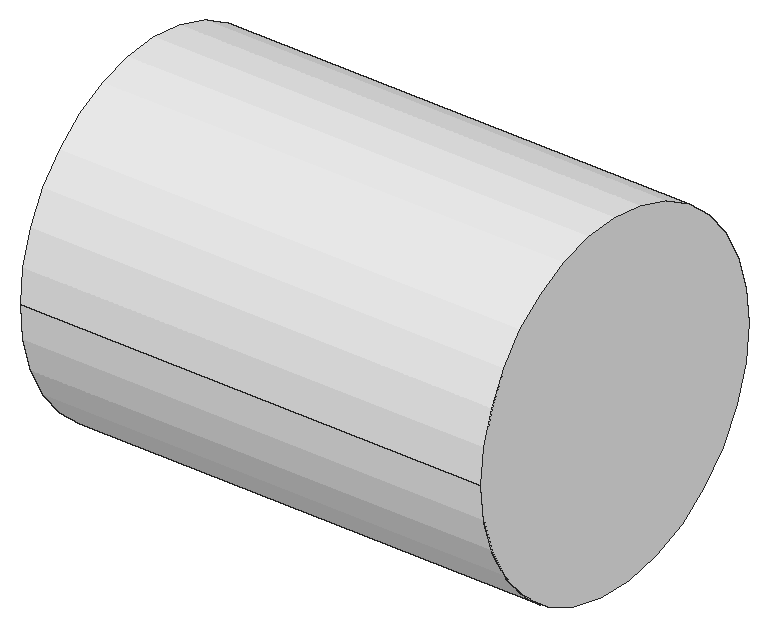
Revit family "VENTS-QUIETLINE", category Mechanical Equipment, Revit 2019
Family settings
  Round Connector Dimension = Use Diameter
  Classification = None
  Part Type = Breaks Into
  OmniClass Number = 23.75.35.17.11
  OmniClass Title = Fans for Air Ductwork
  Work Plane-Based = No
  Always vertical = Yes
  Cut with Voids When Loaded = No
  Shared = No
  Room Calculation Point = No
Parameters (values of type "Quietline 100")
  sFl = 2 mm  # constant formula
  gsD = L * 0.8  # 110.4 mm
  dFl = 23 mm
  Weight = 0.61 kg
  Voltage = 230 V
  URL = "https://ventilation-system.com/product/vents-quietline-100"
  Type Comments = "Inline axial fan Quietline 100"
  Transported Air Temperature (°C) = "+1...+40"
  RPM (min-1) = 2100
  Protection rating = "IPX4"
  Power Factor = 1
  Power = 7.5 W
  Number of Poles = 1
  Noise Level at 3 m (dBa) = 25
  Model = "Quietline 100"
  Maximum Air Flow = 100 m³/h
  Manufacturer = "Vents"
  Maintenance Zone Width = 400 mm
  Maintenance Zone Material = Maintenance Zone
  Maintenance Zone Length = 400 mm
  Maintenance Zone Height = 600 mm
  Maintenance Zone [instance] = no
  Load Classification = HVAC
  L = 138 mm
  Flow direction symbol [instance] = yes
  Flow Factor [instance] = 1  # constant formula
  Family Version = "1.0"  # constant formula
  Description = "Inline axial fan for round ducts"
  Current = 0.049 A
  Copyright = "©Vents"
  Connection Diameter = 100 mm
  Casing Material = Plastic White Glazed
  D = 100 mm
  Apparent Power = Power / Power Factor  # 7.5 VA
  Air Flow [instance] = 0 m³/h
Types (3, lengths in mm): name | gsD | Weight | URL | RPM (min-1) | Power | Noise Level at 3 m (dBa) | Maximum Air Flow | L | Current | Connection Diameter | D | Apparent Power
  Quietline 100 | 110.4 | 0.61 kg | "https://ventilation-system.com/product/vents-quietline-100" | 2100 | 7.5 W | 25 | 100 m³/h | 138 | 0.049 A | 100 | 100 | 7.5 VA
  Quietline 125 | 129.6 | 0.75 kg | "https://ventilation-system.com/product/vents-quietline-125" | 2250 | 13 W | 32 | 197 m³/h | 162 | 0.085 A | 125 | 125 | 13 VA
  Quietline 150 | 145.6 | 1.30 kg | "https://ventilation-system.com/product/vents-quietline-150" | 2250 | 22 W | 37 | 335 m³/h | 182 | 0.095 A | 150 | 150 | 22 VA
Reference planes
  plane 1 "Center (Front/Back)": y = 0
  plane 2: z = 0
  plane 3 "Center (Left/Right)": x = 0
  plane 4 "Right": x = 138
  plane 5: y = 50
  plane 6 "ElCon": y = -50
  plane 7 "Top": z = 50
  plane 8 "GraphicSymbolL": x = 69
  plane 9 "Bottom": z = -50
Forms (mm)
  Extrusion 1, solid, material "Plastic White Glazed" <- "Casing Material", detail levels medium+fine
    sketch origin (0, 0, 0) x (0, 1, 0) y (0, 0, 1)
      loop
        circle (0, 0) r 50
    from 0 to 138
Lines and regions (mm)
  model lines, detail levels coarse
    curve 1: line (0, 50, 0) -> (138, 50, 0)
    curve 2: line (0, -50, 0) -> (0, 50, 0)
    curve 3: line (138, -50, 0) -> (0, -50, 0)
    curve 4: line (138, 50, 0) -> (138, -50, 0)
  reference lines
    curve 5: line (69, 0, 0) -> (69, 0, -50)
Dimensions and locks
  "L": plane 3 "Center (Left/Right)" to plane 4 "Right"
  equal spacing: plane 5, plane 1 "Center (Front/Back)", plane 6 "ElCon"
  "D": plane 5 to plane 6 "ElCon"
  equal spacing: plane 3 "Center (Left/Right)", plane 8 "GraphicSymbolL", plane 4 "Right"
  equal spacing: plane 7 "Top", level, plane 9 "Bottom"
  "D": plane 7 "Top" to plane 9 "Bottom"
  "D": diameter of Extrusion 1 sketch curve
  aligned and locked: level to plane 2
  aligned and locked: plane 8 "GraphicSymbolL" to nested 1
  aligned and locked: plane 1 "Center (Front/Back)" to nested 1
  aligned and locked: plane 8 "GraphicSymbolL" to nested 2
  aligned and locked: plane 2 to nested 2
  aligned and locked: plane 1 "Center (Front/Back)" to nested 3
  aligned and locked: plane 8 "GraphicSymbolL" to nested 3
  aligned and locked: Extrusion 1 to plane 3 "Center (Left/Right)"
  aligned and locked: plane 1 "Center (Front/Back)" to nested 4
  aligned and locked: plane 8 "GraphicSymbolL" to nested 4
  aligned and locked: plane 2 to curve 5
  aligned and locked: plane 9 "Bottom" to curve 5
  aligned and locked: curve 5 to plane 8 "GraphicSymbolL"
  aligned and locked: plane 4 "Right" to Extrusion 1
Automatic sketch dimensions
  curve 3 to plane 3 "Center (Left/Right)" = 0 mm
  curve 3 to plane 4 "Right" = 0 mm
  curve 3 to plane 6 "ElCon" = 0 mm
  curve 2 to plane 5 = 0 mm
  Extrusion 1 sketch curve to level = 0 mm
  Extrusion 1 sketch curve to plane 1 "Center (Front/Back)" = 0 mm
Nested families
  nested 1: "GraphicalSymbol_Fun_FlowDirection" at (69, 0, 0), visible <- "Flow direction symbol", type "GraphicalSymbol_Fun_FlowDirection", detail levels medium+fine
  nested 2: "GraphicalSymbol_Fun_FlowDirection" at (69, 0, 0) x (1, 0, 0) z (0, 1, 0), visible <- "Flow direction symbol", type "GraphicalSymbol_Fun_FlowDirection", detail levels medium+fine
  nested 3: "GraphicalSymbol_Fan_2" at (69, 0, 0), type "GraphicalSymbol_Fan_2", detail levels coarse
    with Diameter 110.4 mm, B 52.992 mm, A 38.64 mm
  nested 4: "MaintenanceZone_Rect" at (69, 0, -50), visible <- "Maintenance Zone", type "MaintenanceZone_Rect", detail levels medium+fine
    with Maintenance Zone Width 400 mm, Maintenance Zone Length 400 mm, Maintenance Zone Height 600 mm
Connectors
  hvac at (0, 0, 0), driven by "Connection Diameter", driven by "Air Flow"
    settings: on Extrusion 1, index 1, duct flow 0 m³/h, flow factor 0, pres drop 0.0 Pa, loss coef 0, conn angle 0.00°, conn width 304.8 mm, conn height 304.8 mm, conn diameter 100 mm, duct sys type 29, conn prof type 0, flow config 0, flow direction 1, loss method 0, conn ref index 4, conn util no, is conn primary yes, conn desc ""
  electrical at (69, 0, -50), driven by "Number of Poles", driven by "Load Classification", driven by "Voltage", driven by "Apparent Power", driven by "Power Factor"
    settings: on curve 5, index 3, voltage 230 V, apparent load 7.5 VA, apparent load phase1 0 VA, apparent load phase2 0 VA, apparent load phase3 0 VA, power factor 1, load classification "HVAC", number of poles 1, system type 30, power factor state 1, is connector primary yes, connector utility no, sub classification motor no, connector description ""
  hvac at (138, 0, 0), driven by "Connection Diameter"
    settings: on Extrusion 1, index 4, duct flow 0 m³/h, flow factor 0, pres drop 0.0 Pa, loss coef 0, conn angle 0.00°, conn width 304.8 mm, conn height 304.8 mm, conn diameter 100 mm, duct sys type 28, conn prof type 0, flow config 0, flow direction 0, loss method 0, conn ref index 1, conn util no, is conn primary no, conn desc ""
Definition of nested family "MaintenanceZone_Rect"
  Parameters (values of type "MaintenanceZone_Rect")
    Maintenance Zone Width = 500 mm
    Material = none
    Maintenance Zone Length = 1000 mm
    Maintenance Zone Height = 300 mm
    Family Version = ""
    Default Elevation = 1219.2 mm
    Copyright = ""
  Reference planes
    plane 1 "Center (Front/Back)": y = 0
    plane 2: z = 0
    plane 3 "Center (Left/Right)": x = 0
    plane 4: x = -500
    plane 5: x = 500
    plane 6: y = 250
    plane 7: y = -250
    plane 8: z = -300
  Forms (mm)
    Extrusion 1, solid, material <- "Material", detail levels medium+fine
      sketch origin (0, 0, 0) x (1, 0, 0) y (0, 1, 0)
        loop
          line (-500, 250) -> (-500, -250) -> (500, -250) -> (500, 250) -> (-500, 250)
      from 0 to -300
  Lines and regions (mm)
    symbolic lines, detail levels medium+fine
      curve 1: line (-500, 0, 0) -> (500, 0, 0)
      curve 2: line (-500, 0, -300) -> (-500, 0, 0)
      curve 3: line (500, 0, -300) -> (-500, 0, -300)
      curve 4: line (500, 0, 0) -> (500, 0, -300)
      curve 5: line (0, 250, 0) -> (0, -250, 0)
      curve 6: line (0, 250, -300) -> (0, 250, 0)
      curve 7: line (0, -250, -300) -> (0, 250, -300)
      curve 8: line (0, -250, 0) -> (0, -250, -300)
      curve 9: line (-500, 250, 0) -> (500, 250, 0)
      curve 10: line (-500, -250, 0) -> (-500, 250, 0)
      curve 11: line (500, -250, 0) -> (-500, -250, 0)
      curve 12: line (500, 250, 0) -> (500, -250, 0)
  Dimensions and locks
    equal spacing: plane 6, plane 1 "Center (Front/Back)", plane 7
    equal spacing: plane 4, plane 3 "Center (Left/Right)", plane 5
    "Maintenance Zone Width": plane 6 to plane 7
    "Maintenance Zone Length": plane 4 to plane 5
    "Maintenance Zone Height": plane 2 to plane 8
    aligned and locked: level to plane 2
    aligned and locked: Extrusion 1 sketch curve to plane 6
    aligned and locked: plane 4 to Extrusion 1 sketch curve
    aligned and locked: plane 7 to Extrusion 1 sketch curve
    aligned and locked: Extrusion 1 sketch curve to plane 5
    aligned and locked: Extrusion 1 to plane 8
    aligned and locked: curve 1 to Extrusion 1
    aligned and locked: curve 2 to Extrusion 1
    aligned and locked: curve 3 to Extrusion 1
    aligned and locked: curve 4 to Extrusion 1
    aligned and locked: curve 5 to Extrusion 1
    aligned and locked: curve 6 to Extrusion 1
    aligned and locked: curve 7 to Extrusion 1
    aligned and locked: curve 8 to Extrusion 1
    aligned and locked: curve 9 to Extrusion 1
    aligned and locked: curve 10 to Extrusion 1
    aligned and locked: curve 11 to Extrusion 1
    aligned and locked: curve 12 to Extrusion 1
Definition of nested family "GraphicalSymbol_Fun_FlowDirection"
  Parameters (values of type "GraphicalSymbol_Fun_FlowDirection")
    Length = 100 mm
    Height = Length  # 100 mm
    B = Length / 2  # 50 mm
    A = Length / 3  # 33.333 mm
  Reference planes
    plane 1 "Center (Front/Back)": y = 0
    plane 2: z = 0
    plane 3 "Center (Left/Right)": x = 0
    plane 4: x = -33.333
    plane 5: x = 50
    plane 6: y = 50
    plane 7: y = -50
  Lines and regions (mm)
    detail lines, in view "Ref. Level"
      curve 1: line (-33.333, 50, 0) -> (-33.333, -50, 0)
      curve 2: line (50, 0, 0) -> (-33.333, -50, 0)
      curve 3: line (50, 0, 0) -> (-33.333, 50, 0)
  Dimensions and locks
    "A": plane 4 to plane 3 "Center (Left/Right)"
    "B": plane 3 "Center (Left/Right)" to plane 5
    equal spacing: plane 6, plane 1 "Center (Front/Back)", plane 7
    "Height": plane 6 to plane 7
    aligned and locked: curve 1 to plane 4
  Automatic sketch dimensions
    plane 1 "Center (Front/Back)" to curve 3 = 0 mm
    curve 3 to plane 5 = 0 mm
    curve 2 to plane 7 = 0 mm
    curve 3 to plane 6 = 0 mm
Definition of nested family "GraphicalSymbol_Fan_2"
  Parameters (values of type "GraphicalSymbol_Fan_2")
    Diameter = 100 mm
    Default Elevation = 1219.2 mm
    B = Diameter * 0.48  # 48 mm
    A = Diameter * 0.35  # 35 mm
  Reference planes
    plane 1 "Center (Front/Back)": y = 0
    plane 2: z = 0
    plane 3 "Center (Left/Right)": x = 0
    plane 4: x = -35
    plane 5: x = 48
  Lines and regions (mm)
    model lines
      curve 1: circle (0, 0, 0) r 50 normal (0, 0, 1)
      curve 4: line (-35, 35.707, 0) -> (48, 14, 0)
      curve 5: line (-35, -35.707, 0) -> (48, -14, 0)
    reference lines
      curve 2: line (50, 141.389, 0) -> (50, -158.611, 0)
      curve 3: line (-50, 141.389, 0) -> (-50, -158.611, 0)
  Dimensions and locks
    equal spacing: curve 3, plane 3 "Center (Left/Right)", curve 2
    "Diameter": curve 3 to curve 2
    "A": plane 4 to plane 3 "Center (Left/Right)"
    "B": plane 3 "Center (Left/Right)" to plane 5
    "Diameter": diameter of curve 1
    aligned and locked: level to plane 2
  Automatic sketch dimensions
    curve 4 to plane 4 = 0 mm
    curve 5 to plane 4 = 0 mm
    plane 1 "Center (Front/Back)" to curve 1 = 0 mm
    curve 1 to plane 3 "Center (Left/Right)" = 0 mm
    curve 5 to plane 5 = 0 mm
    curve 4 to plane 5 = 0 mm
    plane 1 "Center (Front/Back)" to curve 2 = 158.611 mm
    curve 3 to curve 2 = 0 mm  (x2)
    curve 3 to plane 1 "Center (Front/Back)" = 141.389 mm
